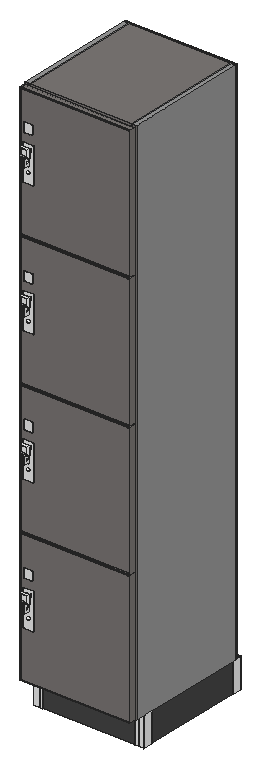
Revit family "Wood_Lockers_Hasps-Salsbury_Industries-15_44000_Series-1_Wide_Units", category Specialty Equipment, Revit 2026 (continued)
Definition of nested family "Wood Locker Side Panels-No Slope"
  Forms (in)
    Extrusion 1, solid, visible <- "Visible"
      sketch origin (0, 0.375, 0) x (1, 0, 0) y (0, 0, 1)
        loop
          line (11.7815, 71.969) -> (-11.7815, 71.969) -> (-11.7815, 0.031) -> (11.7815, 0.031) -> (11.7815, 71.969)
      from 0 to 0.719
    Extrusion 2, solid, material <- "Laminate Surface", visible <- "Visible"
      sketch origin (0, -0.375, 0) x (1, 0, 0) y (0, 0, 1)
        loop
          line (-11.8125, 72) -> (-11.8125, 0) -> (11.8125, 0) -> (11.8125, 72) -> (-11.8125, 72)
      from -0.031 to 0
    Extrusion 3, solid, material <- "Laminate Surface", visible <- "Visible"
      sketch origin (0, 0, 0) x (1, 0, 0) y (0, 0, 1)
        loop
          line (-11.8125, 0) -> (11.8125, 0) -> (11.8125, 72) -> (-11.8125, 72) -> (-11.8125, 0)
        loop
          line (-11.7815, 0.031) -> (11.7815, 0.031) -> (11.7815, 71.969) -> (-11.7815, 71.969) -> (-11.7815, 0.031)
      from -0.375 to 0.344
  Dimensions and locks (in)
    equal spacing: plane 6 "Left Side", plane 3 "Center (Left/Right)", plane 7 "Right Side"
    plane 5 "Front" to plane 1 "Center (Front/Back)" to plane 4 "Back" = 0.375", 0.375"
    "Width": plane 6 "Left Side" to plane 7 "Right Side"
    "Depth": plane 5 "Front" to plane 4 "Back"
    equal spacing: plane 9 "Top", plane 10 "Center Elevation", plane 8 "Bottom"
    "Height": plane 9 "Top" to plane 8 "Bottom"
    locked: plane 5 "Front" to plane 11 "Wood - Laminate Edge" at 0.031
    locked: plane 15 "Bottom of Wood" to plane 8 "Bottom" at 0.031
    locked: plane 12 "Right Side of Wood" to plane 7 "Right Side" at 0.031
    locked: plane 6 "Left Side" to plane 13 "Left Side of Wood" at 0.031
    locked: plane 9 "Top" to plane 14 "Top of Wood" at 0.031
    aligned and locked: level to plane 2
    aligned and locked: Extrusion 2 sketch curve to plane 7 "Right Side"
    aligned and locked: plane 8 "Bottom" to Extrusion 2 sketch curve
    aligned and locked: plane 6 "Left Side" to Extrusion 2 sketch curve
    aligned and locked: plane 9 "Top" to Extrusion 2 sketch curve
    aligned and locked: Extrusion 3 to plane 4 "Back"
    aligned and locked: plane 11 "Wood - Laminate Edge" to Extrusion 3
  Automatic sketch dimensions
    plane 13 "Left Side of Wood" to Extrusion 1 sketch curve = 0.000"
    plane 12 "Right Side of Wood" to Extrusion 1 sketch curve = 0.000"
    Extrusion 1 sketch curve to plane 15 "Bottom of Wood" = 0.000"
    Extrusion 1 sketch curve to plane 14 "Top of Wood" = 0.000"
    plane 13 "Left Side of Wood" to Extrusion 3 sketch curve = 0.000"
    Extrusion 3 sketch curve to level = 0.000"
    plane 13 "Left Side of Wood" to Extrusion 3 sketch curve = 0.031"
    plane 12 "Right Side of Wood" to Extrusion 3 sketch curve = 0.000"
    plane 7 "Right Side" to Extrusion 3 sketch curve = 0.000"
    Extrusion 3 sketch curve to plane 15 "Bottom of Wood" = 0.000"
    Extrusion 3 sketch curve to plane 14 "Top of Wood" = 0.000"
    Extrusion 3 sketch curve to plane 9 "Top" = 0.000"
Definition of nested family "Wood Locker Side Panels-With Slope"
  Parameters (values of type "44238 - 6' H for 24" D Lockers")
    Width = 23.625"
    Visible = yes
    Version = "1.0 (12/15/23)"
    Type Comments = "Side Panel for Premier Wood Lockers with Sloping Hood"
    Slope Height = 8.608"
    Model = "44238"
    Manufacturer = "Salsbury Industries"
    Laminate Surface = none
    Height = 72.153"
    Door Trim = none
    Description = "6' H for 24\" D Lockers"
    Depth = 0.750"
    Default Elevation = 0.000"
  Types (6): name | Width | Visible | Version | Type Comments | Slope Height | Model | Manufacturer | Height | Description
    (no name) | 23.625" | yes | "1.0 (12/15/23)" | "Side Panel for Premier Wood Lockers with Sloping Hood" | 8.608" | "44238" | "Salsbury Industries" | 72.153" | "6' H for 24\" D Lockers"
    44334 - 6' H  for 18" D Lockers | 17.625" | yes | "1.0 (12/15/23)" | "Side Panel for Premier Wood Lockers with Sloping Hood" | 6.806" | "44334" | "Salsbury Industries" | 72.062" | "6' H for 18\" D Lockers"
    44336 - 6' H for 21" D Lockers | 20.625" | yes | "1.0 (12/15/23)" | "Side Panel for Premier Wood Lockers with Sloping Hood" | 7.931" | "44336" | "Salsbury Industries" | 72.062" | "6' H for 21\" D Lockers"
    None | 14.625" | no | "" | "" | 5.681" | "" | "" | 72.062" | ""
    44339 - 6' H for 15" D Lockers | 14.625" | yes | "1.0 (12/15/23)" | "Side Panel for Premier Wood Lockers with Sloping Hood" | 5.681" | "44339" | "Salsbury Industries" | 72.062" | "6' H for 15\" D Lockers"
    44238 - 6' H for 24" D Lockers | 23.625" | yes | "1.0 (12/15/23)" | "Side Panel for Premier Wood Lockers with Sloping Hood" | 8.608" | "44238" | "Salsbury Industries" | 72.153" | "6' H for 24\" D Lockers"
  Reference planes (in)
    plane 1 "Center (Front/Back)": y = 0
    plane 2: z = 0
    plane 3 "Center (Left/Right)": x = 0
    plane 4 "Back": y = 0.375
    plane 5 "Front": y = -0.375
    plane 6 "Left Side": x = -11.8125
    plane 7 "Right Side": x = 11.8125
    plane 8 "Bottom": z = 0
    plane 9 "Top": z = 72.153
    plane 10 "Center Elevation": z = 36.0765
    plane 11 "Wood - Laminate Edge": y = -0.344
    plane 12 "Right Side of Wood": x = 11.7815
    plane 13 "Left Side of Wood": x = -11.7815
    plane 14 "Top of Wood": z = 72.028
    plane 15 "Bottom of Wood": z = 0.031
    plane 16: z = 80.761
    plane 17: z = 80.636
  Forms (in)
    Extrusion 1, solid, visible <- "Visible"
      sketch origin (0, 0.375, 0) x (1, 0, 0) y (0, 0, 1)
        loop
          line (-11.8125, 80.73) -> (-11.8125, 0) -> (11.7815, 0) -> (11.7815, 72.13387) -> (-11.8125, 80.73)
      from 0 to 0.719
    Extrusion 2, solid, material <- "Laminate Surface", visible <- "Visible"
      sketch origin (0, -0.375, 0) x (1, 0, 0) y (0, 0, 1)
        loop
          line (-11.8125, 0) -> (11.8125, 0) -> (11.8125, 72.153) -> (-11.8125, 80.761) -> (-11.8125, 0)
      from -0.031 to 0
    Extrusion 3, solid, material <- "Laminate Surface", visible <- "Visible"
      sketch origin (0, -0.375, 0) x (1, 0, 0) y (0, 0, 1)
        loop
          line (11.8125, 0) -> (11.8125, 72.153) -> (-11.8125, 80.761) -> (-11.8125, 80.73) -> (11.7815, 72.13387) -> (11.7815, 0) -> (11.8125, 0)
      from -0.031 to -0.75
  Dimensions and locks (in)
    equal spacing: plane 6 "Left Side", plane 3 "Center (Left/Right)", plane 7 "Right Side"
    plane 5 "Front" to plane 1 "Center (Front/Back)" to plane 4 "Back" = 0.375", 0.375"
    "Width": plane 6 "Left Side" to plane 7 "Right Side"
    "Depth": plane 5 "Front" to plane 4 "Back"
    equal spacing: plane 9 "Top", plane 10 "Center Elevation", plane 8 "Bottom"
    "Height": plane 9 "Top" to plane 8 "Bottom"
    locked: plane 5 "Front" to plane 11 "Wood - Laminate Edge" at 0.031
    locked: plane 15 "Bottom of Wood" to plane 8 "Bottom" at 0.031
    locked: plane 12 "Right Side of Wood" to plane 7 "Right Side" at 0.031
    locked: plane 6 "Left Side" to plane 13 "Left Side of Wood" at 0.031
    locked: plane 9 "Top" to plane 14 "Top of Wood" at 0.125
    "Slope Height": plane 16 to plane 9 "Top"
    locked: plane 16 to plane 17 at 0.125
    aligned and locked: level to plane 2
    aligned and locked: Extrusion 3 to plane 4 "Back"
    aligned and locked: plane 11 "Wood - Laminate Edge" to Extrusion 3
  Automatic sketch dimensions
    plane 6 "Left Side" to Extrusion 2 sketch curve = 0.000"
    plane 7 "Right Side" to Extrusion 2 sketch curve = 0.000"
    Extrusion 2 sketch curve to level = 0.000"
    Extrusion 2 sketch curve to plane 9 "Top" = 0.000"
    Extrusion 2 sketch curve to plane 16 = 0.000"
    Extrusion 1 sketch curve to level = 0.000"
    plane 6 "Left Side" to Extrusion 1 sketch curve = 0.000"
    plane 12 "Right Side of Wood" to Extrusion 1 sketch curve = 0.000"
    plane 9 "Top" to Extrusion 1 sketch curve = 0.01913"
    plane 6 "Left Side" to Extrusion 3 sketch curve = 0.000"
    plane 12 "Right Side of Wood" to Extrusion 3 sketch curve = 0.000"
    plane 7 "Right Side" to Extrusion 3 sketch curve = 0.000"
    Extrusion 3 sketch curve to level = 0.000"
    Extrusion 3 sketch curve to plane 9 "Top" = 0.000"
    Extrusion 3 sketch curve to plane 16 = 0.000"
    plane 9 "Top" to Extrusion 3 sketch curve = 0.01913"
    plane 16 to Extrusion 3 sketch curve = 0.031"
    plane 16 to Extrusion 1 sketch curve = 0.031"
Definition of nested family "Wood Locker Double Side Panels-No Slope"
  Parameters (values of type "44237DE - 6' H for 24"D Lockers")
    Width = 47.250"
    Visible = yes
    Version = "1.0 (12/15/23)"
    Type Comments = "Double End Panel for Premier Wood Lockers"
    Model = "44237DE"
    Manufacturer = "Salsbury Industries"
    Laminate Surface = none
    Height = 72.000"
    Door Trim = none
    Description = "For 6' H x 21\" D without Sloping Hood"
    Depth = 0.750"
    Default Elevation = 0.000"
  Types (6): name | Width | Visible | Version | Type Comments | Model | Manufacturer | Description
    (no name) | 47.250" | yes | "1.0 (12/15/23)" | "Double End Panel for Premier Wood Lockers" | "44237DE" | "Salsbury Industries" | "For 6' H x 21\" D without Sloping Hood"
    44330DE - 6' H for 15"D Lockers | 29.250" | yes | "1.0 (12/15/23)" | "Double End Panel for Premier Wood Lockers" | "44330DE" | "Salsbury Industries" | "For 6' H x 15\" D without Sloping Hood"
    44333DE - 6' H for 18" D Lockers | 35.250" | yes | "1.0 (12/15/23)" | "Double End Panel for Premier Wood Lockers" | "44333DE" | "Salsbury Industries" | "For 6' H x 18\" D without Sloping Hood"
    44335DE - 6' H for 21" D Lockers | 41.250" | yes | "1.0 (12/15/23)" | "Double End Panel for Premier Wood Lockers" | "44335DE" | "Salsbury Industries" | "For 6' H x 21\" D without Sloping Hood"
    None | 14.000" | no | "" | "" | "" | "" | ""
    44237DE - 6' H for 24"D Lockers | 47.250" | yes | "1.0 (12/15/23)" | "Double End Panel for Premier Wood Lockers" | "44237DE" | "Salsbury Industries" | "For 6' H x 21\" D without Sloping Hood"
  Reference planes (in)
    plane 1 "Center (Front/Back)": y = 0
    plane 2: z = 0
    plane 3 "Center (Left/Right)": x = 0
    plane 4 "Back": y = 0.375
    plane 5 "Front": y = -0.375
    plane 6 "Left Side": x = -23.625
    plane 7 "Right Side": x = 23.625
    plane 8 "Bottom": z = 0
    plane 9 "Top": z = 72
    plane 10 "Center Elevation": z = 36
    plane 11 "Wood - Laminate Edge": y = -0.344
    plane 12 "Right Side of Wood": x = 23.594
    plane 13 "Left Side of Wood": x = -23.594
    plane 14 "Top of Wood": z = 71.969
    plane 15 "Bottom of Wood": z = 0.031
  Forms (in)
    Extrusion 1, solid, visible <- "Visible"
      sketch origin (0, 0.375, 0) x (1, 0, 0) y (0, 0, 1)
        loop
          line (23.594, 71.969) -> (-23.594, 71.969) -> (-23.594, 0.031) -> (23.594, 0.031) -> (23.594, 71.969)
      from 0 to 0.719
    Extrusion 2, solid, material <- "Laminate Surface", visible <- "Visible"
      sketch origin (0, -0.375, 0) x (1, 0, 0) y (0, 0, 1)
        loop
          line (-23.625, 72) -> (-23.625, 0) -> (23.625, 0) -> (23.625, 72) -> (-23.625, 72)
      from -0.031 to 0
    Extrusion 3, solid, material <- "Laminate Surface", visible <- "Visible"
      sketch origin (0, 0, 0) x (1, 0, 0) y (0, 0, 1)
        loop
          line (-23.625, 0) -> (23.625, 0) -> (23.625, 72) -> (-23.625, 72) -> (-23.625, 0)
        loop
          line (23.594, 71.969) -> (-23.594, 71.969) -> (-23.594, 0.031) -> (23.594, 0.031) -> (23.594, 71.969)
      from -0.375 to 0.344
  Dimensions and locks (in)
    equal spacing: plane 6 "Left Side", plane 3 "Center (Left/Right)", plane 7 "Right Side"
    plane 5 "Front" to plane 1 "Center (Front/Back)" to plane 4 "Back" = 0.375", 0.375"
    "Width": plane 6 "Left Side" to plane 7 "Right Side"
    "Depth": plane 5 "Front" to plane 4 "Back"
    equal spacing: plane 9 "Top", plane 10 "Center Elevation", plane 8 "Bottom"
    "Height": plane 9 "Top" to plane 8 "Bottom"
    locked: plane 5 "Front" to plane 11 "Wood - Laminate Edge" at 0.031
    locked: plane 15 "Bottom of Wood" to plane 8 "Bottom" at 0.031
    plane 12 "Right Side of Wood" to plane 7 "Right Side" = 0.031"
    locked: plane 6 "Left Side" to plane 13 "Left Side of Wood" at 0.031
    locked: plane 9 "Top" to plane 14 "Top of Wood" at 0.031
    aligned and locked: level to plane 2
    aligned and locked: Extrusion 2 sketch curve to plane 8 "Bottom"
    aligned and locked: plane 6 "Left Side" to Extrusion 2 sketch curve
    aligned and locked: Extrusion 2 sketch curve to plane 7 "Right Side"
    aligned and locked: Extrusion 2 sketch curve to plane 9 "Top"
    aligned and locked: Extrusion 3 to plane 4 "Back"
    aligned and locked: plane 11 "Wood - Laminate Edge" to Extrusion 3
  Automatic sketch dimensions
    plane 13 "Left Side of Wood" to Extrusion 1 sketch curve = 0.000"
    plane 12 "Right Side of Wood" to Extrusion 1 sketch curve = 0.000"
    Extrusion 1 sketch curve to plane 15 "Bottom of Wood" = 0.000"
    Extrusion 1 sketch curve to plane 14 "Top of Wood" = 0.000"
    Extrusion 3 sketch curve to level = 0.000"
    plane 6 "Left Side" to Extrusion 3 sketch curve = 0.000"
    plane 7 "Right Side" to Extrusion 3 sketch curve = 0.000"
    Extrusion 3 sketch curve to plane 9 "Top" = 0.000"
    plane 13 "Left Side of Wood" to Extrusion 3 sketch curve = 0.000"
    Extrusion 3 sketch curve to plane 15 "Bottom of Wood" = 0.000"
    Extrusion 3 sketch curve to plane 14 "Top of Wood" = 0.000"
    plane 12 "Right Side of Wood" to Extrusion 3 sketch curve = 0.000"
Definition of nested family "Wood Locker Double Side Panels-With Slope"
  Parameters (values of type "44238DE - 6' H for 24"D Lockers")
    Width = 47.250"
    Visible = yes
    Version = "1.0 (12/15/23)"
    Type Comments = "Double End Panel for Premier Wood Lockers"
    Slope Height = 8.895"
    Model = "442386DE"
    Manufacturer = "Salsbury Industries"
    Laminate Surface = none
    Height = 72.153"
    Door Trim = none
    Description = "For 6' H x 21\" D Lockers with Sloping Hood"
    Depth = 0.750"
    Default Elevation = 0.000"
  Types (6): name | Width | Visible | Version | Type Comments | Slope Height | Model | Manufacturer | Height | Description
    (no name) | 47.250" | yes | "1.0 (12/15/23)" | "Double End Panel for Premier Wood Lockers" | 8.895" | "442386DE" | "Salsbury Industries" | 72.153" | "For 6' H x 21\" D Lockers with Sloping Hood"
    44339DE - 6' H for 15"D Lockers | 29.250" | yes | "1.0 (12/15/23)" | "Double End Panel for Premier Wood Lockers" | 5.681" | "44339DE" | "Salsbury Industries" | 72.062" | "For 6' H x 15\" D Lockers with Sloping Hood"
    44334DE - 6' H  for 18" D Lockers | 35.250" | yes | "1.0 (12/15/23)" | "Double End Panel for Premier Wood Lockers" | 6.806" | "44334DE" | "Salsbury Industries" | 72.062" | "For 6' H x 18\" D Lockers with Sloping Hood"
    44336DE - 6' H for 21" D Lockers | 41.250" | yes | "1.0 (12/15/23)" | "Double End Panel for Premier Wood Lockers" | 7.931" | "44336DE" | "Salsbury Industries" | 72.062" | "For 6' H x 21\" D Lockers with Sloping Hood"
    None | 14.000" | no | "" | "" | 5.500" | "" | "" | 72.000" | ""
    44238DE - 6' H for 24"D Lockers | 47.250" | yes | "1.0 (12/15/23)" | "Double End Panel for Premier Wood Lockers" | 8.895" | "442386DE" | "Salsbury Industries" | 72.153" | "For 6' H x 21\" D Lockers with Sloping Hood"
  Reference planes (in)
    plane 1 "Center (Front/Back)": y = 0
    plane 2: z = 0
    plane 3 "Center (Left/Right)": x = 0
    plane 4 "Back": y = 0.375
    plane 5 "Front": y = -0.375
    plane 6 "Left Side": x = -23.625
    plane 7 "Right Side": x = 23.625
    plane 8 "Bottom": z = 0
    plane 9 "Top": z = 72.153
    plane 10 "Center Elevation": z = 36.0765
    plane 11 "Wood - Laminate Edge": y = -0.344
    plane 12 "Right Side of Wood": x = 23.594
    plane 13 "Left Side of Wood": x = -23.594
    plane 14 "Top of Wood": z = 72.028
    plane 15 "Bottom of Wood": z = 0.125
    plane 16: z = 81.048
    plane 17: z = 81.017
  Forms (in)
    Extrusion 1, solid, visible <- "Visible"
      sketch origin (0, 0.375, 0) x (1, 0, 0) y (0, 0, 1)
        loop
          line (23.594, 72.122) -> (0, 81.017) -> (-23.594, 72.122) -> (-23.594, 0) -> (23.594, 0) -> (23.594, 72.122)
      from 0 to 0.719
    Extrusion 2, solid, material <- "Laminate Surface", visible <- "Visible"
      sketch origin (0, -0.375, 0) x (1, 0, 0) y (0, 0, 1)
        loop
          line (23.625, 0) -> (23.625, 72.153) -> (0, 81.048) -> (-23.625, 72.153) -> (-23.625, 0) -> (23.625, 0)
      from -0.031 to 0
    Extrusion 3, solid, material <- "Laminate Surface", visible <- "Visible"
      sketch origin (0, 0.375, 0) x (1, 0, 0) y (0, 0, 1)
        loop
          line (23.625, 0) -> (23.625, 72.153) -> (0, 81.048) -> (-23.625, 72.153) -> (-23.625, 0) -> (-23.594, 0) -> (-23.594, 72.122) -> (0, 81.017) -> (23.594, 72.122) -> (23.594, 0) -> (23.625, 0)
      from 0 to 0.719
  Dimensions and locks (in)
    equal spacing: plane 6 "Left Side", plane 3 "Center (Left/Right)", plane 7 "Right Side"
    plane 5 "Front" to plane 1 "Center (Front/Back)" to plane 4 "Back" = 0.375", 0.375"
    "Width": plane 6 "Left Side" to plane 7 "Right Side"
    "Depth": plane 5 "Front" to plane 4 "Back"
    equal spacing: plane 9 "Top", plane 10 "Center Elevation", plane 8 "Bottom"
    "Height": plane 9 "Top" to plane 8 "Bottom"
    locked: plane 5 "Front" to plane 11 "Wood - Laminate Edge" at 0.031
    locked: plane 15 "Bottom of Wood" to plane 8 "Bottom" at 0.125
    locked: plane 12 "Right Side of Wood" to plane 7 "Right Side" at 0.031
    locked: plane 6 "Left Side" to plane 13 "Left Side of Wood" at 0.031
    locked: plane 9 "Top" to plane 14 "Top of Wood" at 0.125
    "Slope Height": plane 16 to plane 9 "Top"
    locked: plane 16 to plane 17 at 0.031
    aligned and locked: level to plane 2
    aligned and locked: Extrusion 3 to plane 4 "Back"
    aligned and locked: plane 11 "Wood - Laminate Edge" to Extrusion 3
  Automatic sketch dimensions
    plane 6 "Left Side" to Extrusion 2 sketch curve = 0.000"
    Extrusion 2 sketch curve to plane 3 "Center (Left/Right)" = 0.000"
    plane 7 "Right Side" to Extrusion 2 sketch curve = 0.000"
    Extrusion 2 sketch curve to level = 0.000"
    Extrusion 2 sketch curve to plane 9 "Top" = 0.000"  (x2)
    Extrusion 2 sketch curve to plane 16 = 0.000"
    Extrusion 1 sketch curve to level = 0.000"
    plane 13 "Left Side of Wood" to Extrusion 1 sketch curve = 0.000"
    Extrusion 1 sketch curve to plane 3 "Center (Left/Right)" = 0.000"
    plane 12 "Right Side of Wood" to Extrusion 1 sketch curve = 0.000"
    Extrusion 1 sketch curve to plane 17 = 0.000"
    plane 9 "Top" to Extrusion 1 sketch curve = 0.031"  (x2)
    Extrusion 3 sketch curve to level = 0.000"  (x2)
    plane 6 "Left Side" to Extrusion 3 sketch curve = 0.000"
    plane 13 "Left Side of Wood" to Extrusion 3 sketch curve = 0.000"
    Extrusion 3 sketch curve to plane 3 "Center (Left/Right)" = 0.000"  (x2)
    plane 12 "Right Side of Wood" to Extrusion 3 sketch curve = 0.000"
    plane 7 "Right Side" to Extrusion 3 sketch curve = 0.000"
    Extrusion 3 sketch curve to plane 9 "Top" = 0.000"  (x2)
    plane 9 "Top" to Extrusion 3 sketch curve = 0.031"  (x2)
    Extrusion 3 sketch curve to plane 17 = 0.000"
    Extrusion 3 sketch curve to plane 16 = 0.000"
Definition of nested family "Wood Locker Front Fillers"
  Parameters (values of type "44469 - 9" W for 6' H Lockers without Base")
    Width = 9.000"
    Visible Base = no
    Visible = yes
    Version = "1.0 (1/31/24)"
    Type Comments = "Front Vertical Filler for Premier Wood Lockers"
    Model = "44469"
    Manufacturer = "Salsbury Industries"
    Laminate Surface = none
    Height = 72.000"
    Description = "For 6' H Lockers"
    Depth = 0.750"
    Default Elevation = 0.000"
    Base Height = 0.000"
  Types (6): name | Width | Visible Base | Visible | Version | Type Comments | Model | Manufacturer | Description | Base Height
    (no name) | 9.000" | no | yes | "1.0 (1/31/24)" | "Front Vertical Filler for Premier Wood Lockers" | "44469" | "Salsbury Industries" | "For 6' H Lockers" | 0.000"
    44467 - 15"W for 6' H Lockers with Base | 15.000" | yes | yes | "1.0 (01/31/24)" | "Front Vertical Filler for Premier Wood Lockers" | "444367" | "Salsbury Industries" | "For 6' H Lockers" | 4.000"
    None | 15.000" | no | no | "" | "" | "" | "" | "" | 4.000"
    44469 - 9" W for 6' H Lockers with Base | 9.000" | yes | yes | "1.0 (01/31/24)" | "Front Vertical Filler for Premier Wood Lockers" | "44469" | "Salsbury Industries" | "For 6' H Lockers" | 4.000"
    44467 - 15" W for 6'H Lockers without Base | 15.000" | no | yes | "1.0 (01/31/24)" | "Front Vertical Filler for Premier Wood Lockers" | "44467" | "Salsbury Industries" | "For 6' H Lockers" | 0.000"
    44469 - 9" W for 6' H Lockers without Base | 9.000" | no | yes | "1.0 (1/31/24)" | "Front Vertical Filler for Premier Wood Lockers" | "44469" | "Salsbury Industries" | "For 6' H Lockers" | 0.000"
  Reference planes (in)
    plane 1 "Center (Front/Back)": y = 0
    plane 2: z = 0
    plane 3 "Center (Left/Right)": x = 0
    plane 4 "Back": y = 0.375
    plane 5 "Front": y = -0.375
    plane 6 "Left Side": x = -4.5
    plane 7 "Right Side": x = 4.5
    plane 8 "Bottom": z = 0
    plane 9 "Top": z = 72
    plane 10 "Center Elevation": z = 36
    plane 11 "Wood - Laminate Edge": y = -0.344
    plane 12 "Right Side of Wood": x = 4.375
    plane 13 "Left Side of Wood": x = -4.375
    plane 14 "Top of Wood": z = 71.875
    plane 15 "Bottom of Wood": z = 0.125
    plane 16 "Front of Base Filler": y = 1
  Forms (in)
    Extrusion 1, solid, visible <- "Visible"
      sketch origin (0, 0.375, 0) x (1, 0, 0) y (0, 0, 1)
        loop
          line (4.5, 72) -> (-4.5, 72) -> (-4.5, 0) -> (4.5, 0) -> (4.5, 72)
      from 0 to 0.719
    Extrusion 2, solid, material <- "Laminate Surface", visible <- "Visible"
      sketch origin (0, -0.375, 0) x (1, 0, 0) y (0, 0, 1)
        loop
          line (-4.5, 72) -> (-4.5, 0) -> (4.5, 0) -> (4.5, 72) -> (-4.5, 72)
      from -0.031 to 0
    Extrusion 3, solid, visible <- "Visible Base"
      sketch origin (0, 0, 0) x (1, 0, 0) y (0, 1, 0)
        loop
          line (-4.5, 1.75) -> (-4.5, 0.375) -> (4.5, 0.375) -> (4.5, 1.75) -> (-4.5, 1.75)
      from 0 to 0.75
    Extrusion 4, solid, visible <- "Visible Base"
      sketch origin (0, 0, 0) x (1, 0, 0) y (0, 1, 0)
        loop
          line (-4.5, 1.75) -> (-4.5, 1) -> (4.5, 1) -> (4.5, 1.75) -> (-4.5, 1.75)
      from 0 to -4
  Dimensions and locks (in)
    equal spacing: plane 6 "Left Side", plane 3 "Center (Left/Right)", plane 7 "Right Side"
    plane 5 "Front" to plane 1 "Center (Front/Back)" to plane 4 "Back" = 0.375", 0.375"
    "Width": plane 6 "Left Side" to plane 7 "Right Side"
    "Depth": plane 5 "Front" to plane 4 "Back"
    equal spacing: plane 9 "Top", plane 10 "Center Elevation", plane 8 "Bottom"
    locked: plane 5 "Front" to plane 11 "Wood - Laminate Edge" at 0.031
    locked: plane 15 "Bottom of Wood" to plane 8 "Bottom" at 0.125
    locked: plane 12 "Right Side of Wood" to plane 7 "Right Side" at 0.125
    locked: plane 6 "Left Side" to plane 13 "Left Side of Wood" at 0.125
    locked: plane 9 "Top" to plane 14 "Top of Wood" at 0.125
    locked: plane 5 "Front" to plane 16 "Front of Base Filler" at 1.375
    "Base Height": plane 8 "Bottom" to plane 2
    "Height": plane 9 "Top" to plane 8 "Bottom"
    aligned and locked: level to plane 2
    aligned and locked: plane 8 "Bottom" to Extrusion 1
  Automatic sketch dimensions
    plane 6 "Left Side" to Extrusion 1 sketch curve = 0.000"
    plane 7 "Right Side" to Extrusion 1 sketch curve = 0.000"
    level to Extrusion 1 sketch curve = 0.000"
    Extrusion 1 sketch curve to plane 9 "Top" = 0.000"
    plane 6 "Left Side" to Extrusion 2 sketch curve = 0.000"
    plane 7 "Right Side" to Extrusion 2 sketch curve = 0.000"
    plane 15 "Bottom of Wood" to Extrusion 2 sketch curve = 0.125"
    Extrusion 2 sketch curve to plane 9 "Top" = 0.000"
    plane 4 "Back" to Extrusion 3 sketch curve = 0.000"
    Extrusion 3 sketch curve to plane 6 "Left Side" = 0.000"
    Extrusion 3 sketch curve to plane 7 "Right Side" = 0.000"
    Extrusion 3 sketch curve to plane 16 "Front of Base Filler" = 0.750"
    Extrusion 4 sketch curve to plane 6 "Left Side" = 0.000"
    Extrusion 4 sketch curve to plane 7 "Right Side" = 0.000"
    plane 16 "Front of Base Filler" to Extrusion 4 sketch curve = 0.000"
    Extrusion 4 sketch curve to plane 16 "Front of Base Filler" = 0.750"
Definition of nested family "Wood Locker Front Corner Filler"
  Parameters (values of type "44464 - for 6' H Lockers with Base")
    Width = 2.250"
    Visible Base = yes
    Visible = yes
    Version = "1.0 (12/15/23)"
    Type Comments = "Front Vertical Corner Filler for Designer Wood Lockers"
    Primary Structure Materials = none
    Model = "44464"
    Manufacturer = "Salsbury Industries"
    Laminate Surface = none
    Height = 72.000"
    Description = "For 6' H Lockers"
    Depth = 0.750"
    Default Elevation = 0.000"
    Base Primary Materials = none
    Base Height = 4.000"
  Types (3): name | Visible Base | Visible | Version | Type Comments | Model | Manufacturer | Description | Base Height
    None | no | no | "" | "" | "" | "" | "" | 4.000"
    44464 - for 6'H Lockers without Base | no | yes | "1.0 (12/15/23)" | "Front Vertical Corner Filler for Designer Wood Lockers" | "44464" | "Salsbury Industries" | "For 6' H Lockers" | 0.000"
    44464 - for 6' H Lockers with Base | yes | yes | "1.0 (12/15/23)" | "Front Vertical Corner Filler for Designer Wood Lockers" | "44464" | "Salsbury Industries" | "For 6' H Lockers" | 4.000"
  Reference planes (in)
    plane 1 "Center (Front/Back)": y = 0
    plane 2 "Bottom of Base": z = 0
    plane 3 "Center (Left/Right)": x = 0
    plane 4 "Back": y = 0.375
    plane 5 "Front": y = -0.375
    plane 6 "Left Side": x = -1.125
    plane 7 "Right Side": x = 1.125
    plane 8 "Bottom": z = 4
    plane 9 "Top": z = 76
    plane 10 "Center Elevation": z = 40
    plane 11 "Wood - Laminate Edge": y = -0.344
    plane 12 "Right Side of Wood": x = 1
    plane 13 "Left Side of Wood": x = -1
    plane 14 "Top of Wood": z = 75.875
    plane 15 "Bottom of Wood": z = 4.125
    plane 16 "Front of Base Filler": y = 1
  Forms (in)
    Extrusion 1, solid, material <- "Primary Structure Materials", visible <- "Visible"
      sketch origin (0, 0.375, 0) x (1, 0, 0) y (0, 0, 1)
        loop
          line (1.125, 76) -> (-1.156, 76) -> (-1.156, 4) -> (1.125, 4) -> (1.125, 76)
      from 0 to 0.719
    Extrusion 2, solid, material <- "Laminate Surface", visible <- "Visible"
      sketch origin (0, -0.375, 0) x (1, 0, 0) y (0, 0, 1)
        loop
          line (-1.125, 76) -> (-1.125, 4) -> (1.125, 4) -> (1.125, 76) -> (-1.125, 76)
      from -0.031 to 0
    Extrusion 3, solid, material <- "Primary Structure Materials", visible <- "Visible"
      sketch origin (-1.875, -1.5, 0) x (0, 1, 0) y (0, 0, 1)
        loop
          line (1.875, 76) -> (-1.125, 76) -> (-1.125, 4) -> (1.875, 4) -> (1.875, 76)
      from 0 to 0.719
    Extrusion 4, solid, material <- "Laminate Surface", visible <- "Visible"
      sketch origin (-1.125, -1.5, 0) x (0, 1, 0) y (0, 0, 1)
        loop
          line (-1.125, 76) -> (-1.125, 4) -> (1.156, 4) -> (1.156, 76) -> (-1.125, 76)
      from -0.031 to 0
    Extrusion 5, solid, material <- "Base Primary Materials", visible <- "Visible Base"
      sketch origin (0, 0, 0) x (1, 0, 0) y (0, 1, 0)
        loop
          line (-3.25, 1.75) -> (-3.25, -2.625) -> (-1.875, -2.625) -> (-1.875, 1.75) -> (-3.25, 1.75)
      from 4 to 4.75
    Extrusion 6, solid, material <- "Base Primary Materials", visible <- "Visible Base"
      sketch origin (0, 0, 0) x (1, 0, 0) y (0, 1, 0)
        loop
          line (-1.875, 1.75) -> (-1.875, 0.375) -> (1.125, 0.375) -> (1.125, 1.75) -> (-1.875, 1.75)
      from 4 to 4.75
    Extrusion 7, solid, material <- "Base Primary Materials", visible <- "Visible Base"
      sketch origin (0, 0, 0) x (1, 0, 0) y (0, 1, 0)
        loop
          line (1.125, 1.75) -> (-2.43407, 1.75) -> (-2.43407, 1) -> (1.125, 1) -> (1.125, 1.75)
      from 0 to 4
    Extrusion 8, solid, material <- "Base Primary Materials", visible <- "Visible Base"
      sketch origin (0, 0, 0) x (1, 0, 0) y (0, 1, 0)
        loop
          line (-3.25, 1.75) -> (-3.25, -2.625) -> (-2.43407, -2.625) -> (-2.43407, 1.75) -> (-3.25, 1.75)
      from 0 to 4
  Dimensions and locks (in)
    equal spacing: plane 6 "Left Side", plane 3 "Center (Left/Right)", plane 7 "Right Side"
    plane 5 "Front" to plane 1 "Center (Front/Back)" to plane 4 "Back" = 0.375", 0.375"
    "Width": plane 6 "Left Side" to plane 7 "Right Side"
    "Depth": plane 5 "Front" to plane 4 "Back"
    equal spacing: plane 9 "Top", plane 10 "Center Elevation", plane 8 "Bottom"
    "Height": plane 9 "Top" to plane 8 "Bottom"
    locked: plane 5 "Front" to plane 11 "Wood - Laminate Edge" at 0.031
    locked: plane 15 "Bottom of Wood" to plane 8 "Bottom" at 0.125
    locked: plane 12 "Right Side of Wood" to plane 7 "Right Side" at 0.125
    locked: plane 6 "Left Side" to plane 13 "Left Side of Wood" at 0.125
    locked: plane 9 "Top" to plane 14 "Top of Wood" at 0.125
    locked: plane 5 "Front" to plane 16 "Front of Base Filler" at 1.375
    "Base Height": plane 8 "Bottom" to plane 2 "Bottom of Base"
    aligned and locked: level to plane 2 "Bottom of Base"
    aligned and locked: plane 8 "Bottom" to Extrusion 1
    aligned and locked: Extrusion 7 to Extrusion 5
    aligned and locked: Extrusion 8 to Extrusion 5
    aligned and locked: Extrusion 7 to Extrusion 8
  Automatic sketch dimensions
    Extrusion 1 sketch curve to plane 9 "Top" = 0.000"
    Extrusion 1 sketch curve to plane 8 "Bottom" = 0.000"
    plane 7 "Right Side" to Extrusion 1 sketch curve = 0.000"
    plane 6 "Left Side" to Extrusion 1 sketch curve = 0.031"
    plane 6 "Left Side" to Extrusion 2 sketch curve = 0.000"
    plane 7 "Right Side" to Extrusion 2 sketch curve = 0.000"
    Extrusion 2 sketch curve to plane 8 "Bottom" = 0.000"
    Extrusion 2 sketch curve to plane 9 "Top" = 0.000"
    plane 9 "Top" to Extrusion 3 sketch curve = 0.000"
    plane 8 "Bottom" to Extrusion 3 sketch curve = 0.000"
    Extrusion 3 sketch curve to plane 4 "Back" = 0.000"
    plane 5 "Front" to Extrusion 3 sketch curve = 2.250"
    plane 8 "Bottom" to Extrusion 4 sketch curve = 0.000"
    plane 9 "Top" to Extrusion 4 sketch curve = 0.000"
    Extrusion 4 sketch curve to plane 11 "Wood - Laminate Edge" = 0.000"
    plane 5 "Front" to Extrusion 4 sketch curve = 2.250"
    plane 6 "Left Side" to Extrusion 5 sketch curve = 2.125"
    plane 6 "Left Side" to Extrusion 5 sketch curve = 0.750"
    plane 5 "Front" to Extrusion 5 sketch curve = 2.250"
    Extrusion 5 sketch curve to plane 16 "Front of Base Filler" = 0.750"
    plane 16 "Front of Base Filler" to Extrusion 7 sketch curve = 0.000"
    Extrusion 7 sketch curve to plane 7 "Right Side" = 0.000"
    plane 6 "Left Side" to Extrusion 7 sketch curve = 1.30907"
    Extrusion 7 sketch curve to plane 16 "Front of Base Filler" = 0.750"
    plane 6 "Left Side" to Extrusion 8 sketch curve = 2.125"
    Extrusion 8 sketch curve to Extrusion 8 sketch curve = 0.81593"
    plane 5 "Front" to Extrusion 8 sketch curve = 2.250"
    Extrusion 8 sketch curve to plane 16 "Front of Base Filler" = 0.750"
    plane 4 "Back" to Extrusion 6 sketch curve = 0.000"
    Extrusion 6 sketch curve to plane 7 "Right Side" = 0.000"
    plane 6 "Left Side" to Extrusion 6 sketch curve = 0.750"
    Extrusion 6 sketch curve to plane 16 "Front of Base Filler" = 0.750"
Definition of nested family "Wood Locker Sloping In-Line Fillers"
  Parameters (values of type "44489 - 15" W for 24" D Lockers")
    Width = 15.000"
    Visible = yes
    Version = "1.0 (12/15/23)"
    Type Comments = "Sloping Hood In-Line Filler for Premier Wood Lockers"
    Model = "44489"
    Manufacturer = "Salsbury Industries"
    Laminate Surface = none
    Height = 9.118"
    Description = "For 24\" D Lockers"
    Depth = 23.625"
    Default Elevation = 0.000"
  Types (10): name | Width | Visible | Version | Type Comments | Model | Manufacturer | Height | Description | Depth
    (no name) | 15.000" | yes | "1.0 (12/15/23)" | "Sloping Hood In-Line Filler for Premier Wood Lockers" | "44489" | "Salsbury Industries" | 9.118" | "For 24\" D Lockers" | 23.625"
    44487 - 15" W for 15" D Lockers | 15.000" | yes | "1.0 (12/15/23)" | "Sloping Hood In-Line Filler for Premier Wood Lockers" | "44487" | "Salsbury Industries" | 5.743" | "For 15\" D Lockers" | 14.625"
    44488 - 15" W for 18" D Lockers | 15.000" | yes | "1.0 (12/15/23)" | "Sloping Hood In-Line Filler for Premier Wood Lockers" | "44488" | "Salsbury Industries" | 6.868" | "For 18\" D Lockers" | 17.625"
    44481 - 15" W for 21" D Lockers | 15.000" | yes | "1.0 (12/15/23)" | "Sloping Hood In-Line Filler for Premier Wood Lockers" | "44481" | "Salsbury Industries" | 7.993" | "For 21\" D Lockers" | 20.625"
    None | 12.000" | no | "" | "" | "" | "" | 5.500" | "" | 14.000"
    44489 - 15" W for 24" D Lockers | 15.000" | yes | "1.0 (12/15/23)" | "Sloping Hood In-Line Filler for Premier Wood Lockers" | "44489" | "Salsbury Industries" | 9.118" | "For 24\" D Lockers" | 23.625"
    44488 - 9" W for 18" D Lockers | 9.000" | yes | "1.0 (12/15/23)" | "Sloping Hood In-Line Filler for Premier Wood Lockers" | "44488" | "Salsbury Industries" | 6.868" | "For 18\" D Lockers" | 17.625"
    44487 - 9" W for 15" D Lockers | 9.000" | yes | "1.0 (12/15/23)" | "Sloping Hood In-Line Filler for Premier Wood Lockers" | "44487" | "Salsbury Industries" | 5.743" | "For 15\" D Lockers" | 14.625"
    44481 - 9" W for 21" D Lockers | 9.000" | yes | "1.0 (12/15/23)" | "Sloping Hood In-Line Filler for Premier Wood Lockers" | "44481" | "Salsbury Industries" | 7.993" | "For 21\" D Lockers" | 20.625"
    44489 - 9" W for 24" D Lockers | 9.000" | yes | "1.0 (12/15/23)" | "Sloping Hood In-Line Filler for Premier Wood Lockers" | "44489" | "Salsbury Industries" | 9.118" | "For 24\" D Lockers" | 23.625"
  Reference planes (in)
    plane 1 "Center (Front/Back)": y = 0
    plane 2: z = 0
    plane 3 "Center (Left/Right)": x = 0
    plane 4 "Front of Hood": y = -11.8125
    plane 5 "Back of Hood": y = 11.8125
    plane 6 "Right Side of Hood": x = 7.5
    plane 7 "Left Side of Hood": x = -7.5
    plane 8 "Bottom of Hood": z = 0
    plane 9 "Top of Hood": z = 9.118
    plane 10: x = 6.75
    plane 11: x = -6.75
    plane 12: y = -11.7815
    plane 13: y = -11.0625
    plane 14: z = 9.087
    plane 15: z = 8.368
    plane 16: z = 0.062
    plane 17: z = 0.75
  Forms (in)
    Extrusion 1, solid, visible <- "Visible"
      sketch origin (0, 0, 0) x (0, 1, 0) y (0, 0, 1)
        loop
          line (-9.97273, 0) -> (11.8125, 8.368) -> (11.8125, 9.087) -> (-11.73269, 0.062) -> (-11.7815, 0.062) -> (-11.7815, 0) -> (-9.97273, 0)
      from -7.5 to 7.5
    Extrusion 2, solid, material <- "Laminate Surface", visible <- "Visible"
      sketch origin (0, 0, 0) x (0, 1, 0) y (0, 0, 1)
        loop
          line (-11.8125, 0.062) -> (-11.8125, 0) -> (-11.7815, 0) -> (-11.7815, 0.062) -> (-11.8125, 0.062)
      from -7.5 to 7.5
    Extrusion 3, solid, material <- "Laminate Surface", visible <- "Visible"
      sketch origin (0, 0, 0) x (0, 1, 0) y (0, 0, 1)
        loop
          line (11.8125, 9.118) -> (-11.8125, 0.062) -> (-11.73269, 0.062) -> (11.8125, 9.087) -> (11.8125, 9.118)
      from -7.5 to 7.5
  Dimensions and locks (in)
    equal spacing: plane 7 "Left Side of Hood", plane 3 "Center (Left/Right)", plane 6 "Right Side of Hood"
    "Width": plane 7 "Left Side of Hood" to plane 6 "Right Side of Hood"
    equal spacing: plane 4 "Front of Hood", plane 1 "Center (Front/Back)", plane 5 "Back of Hood"
    "Depth": plane 4 "Front of Hood" to plane 5 "Back of Hood"
    "Height": plane 9 "Top of Hood" to plane 8 "Bottom of Hood"
    plane 7 "Left Side of Hood" to plane 11 = 0.750"
    plane 10 to plane 6 "Right Side of Hood" = 0.750"
    plane 4 "Front of Hood" to plane 12 to plane 13 = 0.031" locked, 0.719" locked
    plane 15 to plane 14 to plane 9 "Top of Hood" = 0.719" locked, 0.031" locked
    locked: plane 16 to plane 8 "Bottom of Hood" at 0.062
    locked: plane 17 to plane 8 "Bottom of Hood" at 0.75
    aligned and locked: level to plane 2
    aligned and locked: Extrusion 1 to plane 6 "Right Side of Hood"
    aligned and locked: plane 7 "Left Side of Hood" to Extrusion 1
    aligned and locked: plane 7 "Left Side of Hood" to Extrusion 3
    aligned and locked: Extrusion 3 to plane 6 "Right Side of Hood"
    aligned and locked: Extrusion 2 to plane 6 "Right Side of Hood"
    aligned and locked: plane 7 "Left Side of Hood" to Extrusion 2
  Automatic sketch dimensions
    Extrusion 2 sketch curve to level = 0.000"
    Extrusion 2 sketch curve to plane 4 "Front of Hood" = 0.000"
    Extrusion 2 sketch curve to plane 12 = 0.000"
    plane 16 to Extrusion 2 sketch curve = 0.000"
    Extrusion 3 sketch curve to plane 4 "Front of Hood" = 0.000"
    plane 16 to Extrusion 3 sketch curve = 0.000"
    Extrusion 3 sketch curve to plane 5 "Back of Hood" = 0.000"
    plane 14 to Extrusion 3 sketch curve = 0.000"
    plane 9 "Top of Hood" to Extrusion 3 sketch curve = 0.000"
    Extrusion 3 sketch curve to plane 12 = 0.04881"
    Extrusion 1 sketch curve to level = 0.000"
    Extrusion 1 sketch curve to plane 12 = 0.000"
    plane 16 to Extrusion 1 sketch curve = 0.000"
    Extrusion 1 sketch curve to plane 5 "Back of Hood" = 0.000"
    plane 15 to Extrusion 1 sketch curve = 0.000"
    plane 14 to Extrusion 1 sketch curve = 0.000"
    Extrusion 1 sketch curve to plane 13 = 1.08977"
    Extrusion 1 sketch curve to plane 12 = 0.04881"
Definition of nested family "Wood Locker Flat In-Line Fillers"
  Parameters (values of type "44448 - 15" W for 18" D Lockers")
    Width = 15.000"
    Visible = yes
    Version = "1.0 (12/15/23)"
    Type Comments = "Flat Top In-Line Filler for Premier Wood Lockers"
    Model = "44448"
    Manufacturer = "Salsbury Industries"
    Laminate Surface = none
    Height = 0.750"
    Description = "For 18\" D Lockers"
    Depth = 16.875"
    Default Elevation = 0.000"
  Types (10): name | Width | Visible | Version | Type Comments | Model | Manufacturer | Description | Depth
    (no name) | 15.000" | yes | "1.0 (12/15/23)" | "Flat Top In-Line Filler for Premier Wood Lockers" | "44448" | "Salsbury Industries" | "For 18\" D Lockers" | 16.875"
    44447 - 15" W for 15" D Lockers | 15.000" | yes | "1.0 (12/15/23)" | "Flat Top In-Line Filler for Premier Wood Lockers" | "44447" | "Salsbury Industries" | "For 15\" D Lockers" | 13.875"
    44448 - 15" W for 18" D Lockers | 15.000" | yes | "1.0 (12/15/23)" | "Flat Top In-Line Filler for Premier Wood Lockers" | "44448" | "Salsbury Industries" | "For 18\" D Lockers" | 16.875"
    44441 - 15" W for 21" D Lockers | 15.000" | yes | "1.0 (12/15/23)" | "Flat Top In-Line Filler for Premier Wood Lockers" | "44441" | "Salsbury Industries" | "For 21\" D Lockers" | 19.875"
    None | 15.000" | no | "" | "" | "" | "" | "" | 13.250"
    44448 - 9" W for 18" D Lockers | 9.000" | yes | "1.0 (12/15/23)" | "Flat Top In-Line Filler for Premier Wood Lockers" | "44448" | "Salsbury Industries" | "For 18\" D Lockers" | 16.875"
    44447 - 9" W for 15" D Lockers | 9.000" | yes | "1.0 (12/15/23)" | "Flat Top In-Line Filler for Premier Wood Lockers" | "44447" | "Salsbury Industries" | "For 15\" D Lockers" | 13.875"
    44441 - 9" W for 21" D Lockers | 9.000" | yes | "1.0 (12/15/23)" | "Flat Top In-Line Filler for Premier Wood Lockers" | "44441" | "Salsbury Industries" | "For 21\" D Lockers" | 19.875"
    44449 - 15" W for 24" D Lockers | 15.000" | yes | "1.0 (12/15/23)" | "Flat Top In-Line Filler for Premier Wood Lockers" | "44449" | "Salsbury Industries" | "For 24\" D Lockers" | 22.875"
    44449 - 9" W for 24" D Lockers | 9.000" | yes | "1.0 (12/15/23)" | "Flat Top In-Line Filler for Premier Wood Lockers" | "44449" | "Salsbury Industries" | "For 24\" D Lockers" | 22.875"
  Reference planes (in)
    plane 1 "Center (Front/Back)": y = 0
    plane 2: z = 0
    plane 3 "Center (Left/Right)": x = 0
    plane 4 "Right Side": x = 7.5
    plane 5 "Left Side": x = -7.5
    plane 6 "Front Side": y = -8.4375
    plane 7 "Back Side": y = 8.4375
    plane 8 "Bottom": z = 0
    plane 9 "Top Side": z = 0.75
    plane 10 "Wood - Laminate Line": z = 0.719
  Forms (in)
    Extrusion 1, solid, visible <- "Visible"
      sketch origin (0, 0, 0) x (0, -1, 0) y (1, 0, 0)
        loop
          line (-8.4375, -7.5) -> (8.4375, -7.5) -> (8.4375, 7.5) -> (-8.4375, 7.5) -> (-8.4375, -7.5)
      from 0 to 0.719
    Extrusion 2, solid, material <- "Laminate Surface", visible <- "Visible"
      sketch origin (0, 0, 0.75) x (1, 0, 0) y (0, 1, 0)
        loop
          line (-7.5, -8.4375) -> (7.5, -8.4375) -> (7.5, 8.4375) -> (-7.5, 8.4375) -> (-7.5, -8.4375)
      from -0.031 to 0
  Dimensions and locks (in)
    equal spacing: plane 6 "Front Side", plane 1 "Center (Front/Back)", plane 7 "Back Side"
    equal spacing: plane 5 "Left Side", plane 3 "Center (Left/Right)", plane 4 "Right Side"
    "Width": plane 5 "Left Side" to plane 4 "Right Side"
    "Depth": plane 6 "Front Side" to plane 7 "Back Side"
    "Height": plane 9 "Top Side" to plane 8 "Bottom"
    locked: plane 9 "Top Side" to plane 10 "Wood - Laminate Line" at 0.031
    aligned and locked: level to plane 2
  Automatic sketch dimensions
    Extrusion 1 sketch curve to plane 4 "Right Side" = 0.000"
    plane 7 "Back Side" to Extrusion 1 sketch curve = 0.000"
    Extrusion 1 sketch curve to plane 5 "Left Side" = 0.000"
    plane 6 "Front Side" to Extrusion 1 sketch curve = 0.000"
    Extrusion 2 sketch curve to plane 5 "Left Side" = 0.000"
    plane 4 "Right Side" to Extrusion 2 sketch curve = 0.000"
    plane 6 "Front Side" to Extrusion 2 sketch curve = 0.000"
    Extrusion 2 sketch curve to plane 7 "Back Side" = 0.000"
Definition of nested family "Wood Locker Fascia Fillers"
  Parameters (values of type "44462 - for 3-Wide Units")
    Width = 36.000"
    Visible = yes
    Type Comments = "Front Fascia Filler for Premier Wood Lockers"
    Model = "44462"
    Manufacturer = "Salsbury Industries"
    Laminate Surface = none
    Height = 4.000"
    Description = "4' W for Standard Designer Lockers"
    Depth = 0.750"
    Default Elevation = 0.000"
  Types (4): name | Width | Visible | Type Comments | Model | Manufacturer | Description
    (no name) | 36.000" | yes | "Front Fascia Filler for Premier Wood Lockers" | "44462" | "Salsbury Industries" | "4' W for Standard Designer Lockers"
    44462 - for 1-Wide Units | 12.000" | yes | "Front Fascia Filler for Premier Wood Lockers" | "44462" | "Salsbury Industries" | "4' W for Standard Designer Lockers"
    None | 12.000" | no | "" | "" | "" | ""
    44462 - for 3-Wide Units | 36.000" | yes | "Front Fascia Filler for Premier Wood Lockers" | "44462" | "Salsbury Industries" | "4' W for Standard Designer Lockers"
  Reference planes (in)
    plane 1 "Center (Front/Back)": y = 0
    plane 2: z = 0
    plane 3 "Center (Left/Right)": x = 0
    plane 4 "Back": y = 0.375
    plane 5 "Front": y = -0.375
    plane 6 "Left Side": x = -18
    plane 7 "Right Side": x = 18
    plane 8 "Bottom": z = 0
    plane 9 "Top": z = 4
    plane 10 "Center Elevation": z = 2
    plane 11 "Wood - Laminate Edge": y = -0.344
    plane 12 "Right Side of Wood": x = 17.875
    plane 13 "Left Side of Wood": x = -17.875
    plane 14 "Top of Wood": z = 3.875
    plane 15 "Bottom of Wood": z = 0.125
    plane 16 "Base Bottom": z = 0
    plane 17 "Front of Base Filler": y = 1
  Forms (in)
    Extrusion 1, solid, visible <- "Visible"
      sketch origin (0, 0.375, 0) x (1, 0, 0) y (0, 0, 1)
        loop
          line (18, 4) -> (-18, 4) -> (-18, 0) -> (18, 0) -> (18, 4)
      from 0 to 0.719
    Extrusion 2, solid, material <- "Laminate Surface", visible <- "Visible"
      sketch origin (0, -0.375, 0) x (1, 0, 0) y (0, 0, 1)
        loop
          line (-18, 4) -> (-18, 0) -> (18, 0) -> (18, 4) -> (-18, 4)
      from -0.031 to 0
  Dimensions and locks (in)
    equal spacing: plane 6 "Left Side", plane 3 "Center (Left/Right)", plane 7 "Right Side"
    plane 5 "Front" to plane 1 "Center (Front/Back)" to plane 4 "Back" = 0.375", 0.375"
    "Width": plane 6 "Left Side" to plane 7 "Right Side"
    "Depth": plane 5 "Front" to plane 4 "Back"
    equal spacing: plane 9 "Top", plane 10 "Center Elevation", plane 8 "Bottom"
    "Height": plane 9 "Top" to plane 8 "Bottom"
    locked: plane 5 "Front" to plane 11 "Wood - Laminate Edge" at 0.031
    locked: plane 15 "Bottom of Wood" to plane 8 "Bottom" at 0.125
    locked: plane 12 "Right Side of Wood" to plane 7 "Right Side" at 0.125
    locked: plane 6 "Left Side" to plane 13 "Left Side of Wood" at 0.125
    locked: plane 9 "Top" to plane 14 "Top of Wood" at 0.125
    locked: plane 5 "Front" to plane 17 "Front of Base Filler" at 1.375
    aligned and locked: level to plane 2
    aligned and locked: Extrusion 1 to plane 8 "Bottom"
  Automatic sketch dimensions
    plane 6 "Left Side" to Extrusion 1 sketch curve = 0.000"
    plane 7 "Right Side" to Extrusion 1 sketch curve = 0.000"
    level to Extrusion 1 sketch curve = 0.000"
    Extrusion 1 sketch curve to plane 9 "Top" = 0.000"
    plane 6 "Left Side" to Extrusion 2 sketch curve = 0.000"
    plane 7 "Right Side" to Extrusion 2 sketch curve = 0.000"
    plane 15 "Bottom of Wood" to Extrusion 2 sketch curve = 0.125"
    Extrusion 2 sketch curve to plane 9 "Top" = 0.000"
Types (7): name | Version | Unit Height including Sloping Hood Only | Unit Height including Base Only | Sloping Hood Height | Overall Unit Height including Base and Sloping Hood | Model | Flat Top In-Line Filler - Right Side | Description | Depth | Compartment Depth | Base Height | Base Depth | Base
  (no name) | "1.0 (01/31/24)" | 78.868" | 76.000" | 6.868" | 82.868" | "15-44168" | Wood Locker Flat In-Line Fillers : None | "1 Wide - 6 Feet High - 18 inches Deep - with Base" | 18.000" | 16.750" | 4.000" | 16.250" | Wood Locker Bases : Base - 15" W x 18" D Lockers
  15-44164 | "1.0 (01/31/24)" | 81.118" | 76.000" | 9.118" | 85.118" | "15-44164" | Wood Locker Flat In-Line Fillers : None | "1 Wide - 6 Feet High - 24 inches Deep - with Base" | 24.000" | 22.750" | 4.000" | 22.250" | Wood Locker Bases : Base - 15" W x 24" D Lockers
  15-44164 - without Base | "1.0  (01/31/24)" | 81.118" | 72.000" | 9.118" | 81.118" | "15-44164 without Base" | Wood Locker Flat In-Line Fillers : None | "1 Wide - 6 Feet High - 24 inches Deep - without Base" | 24.000" | 22.750" | 0.000" | 22.250" | Wood Locker Bases : None
  15-44168 | "1.0 (01/31/24)" | 78.868" | 76.000" | 6.868" | 82.868" | "15-44168" | Wood Locker Flat In-Line Fillers : None | "1 Wide - 6 Feet High - 18 inches Deep - with Base" | 18.000" | 16.750" | 4.000" | 16.250" | Wood Locker Bases : Base - 15" W x 18" D Lockers
  15-44168 - without Base | "1.0 (01/31/24)" | 78.868" | 72.000" | 6.868" | 78.868" | "15-44168 without Base" | Wood Locker Sloping In-Line Fillers : None | "1 Wide - 6 Feet High - 18 inches Deep - without Base" | 18.000" | 16.750" | 0.000" | 16.250" | Wood Locker Bases : None
  15-44161 | "1.0 (01/31/24)" | 79.993" | 76.000" | 7.993" | 83.993" | "15-44161" | Wood Locker Sloping In-Line Fillers : None | "1 Wide - 6 Feet High - 21 inches Deep - with Base" | 21.000" | 19.750" | 4.000" | 19.250" | Wood Locker Bases : Base - 15" W x 21" D Lockers
  15-44161 - without Base | "1.0 (01/31/24)" | 79.993" | 72.000" | 7.993" | 79.993" | "15-44161 without Base" | Wood Locker Sloping In-Line Fillers : None | "1 Wide - 6 Feet High - 21 inches Deep - without Base" | 21.000" | 19.750" | 0.000" | 19.250" | Wood Locker Bases : None
